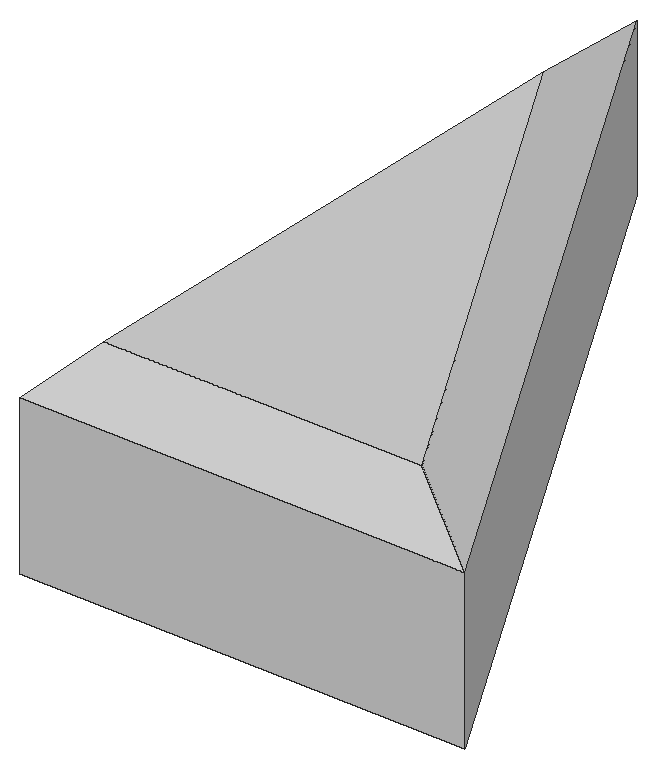
Revit family "SMALL SCALENE TRIANGLE (RIGHT)", category Specialty Equipment, Revit 2023
Family settings
  Round Connector Dimension = Use Diameter
  Part Type = Normal
  OmniClass Number = 23.35.00.00
  OmniClass Title = Covering, Cladding, and Finishes
  Work Plane-Based = Yes
  Enable Cutting in Views = Yes
  Always vertical = No
  Cut with Voids When Loaded = No
  Maintain Annotation Orientation = No
  Shared = No
  Room Calculation Point = No
Parameters (values of type "1-3/8 inch thick Primed White")
  URL = "https://www.acousticalsurfaces.com/envirocoustic-wood-wool/shapes/"
  Type Comments = "Acoustic Panels"
  Thickness = 0' - 1 3/8"
  Recycled Content Percentage = "0%"
  Model = "Envirocoustic Wood Wool"
  Material = "Envirocoustic Wood Wool"
  Manufacturer = "Acoustical Surfaces, Inc."
  Fire Rating = "ASTM E84 - Class A"
  Finish = Paint - Acoustical-Surfaces - Primed White
  Description = "Acoustic Panels"
  Default Elevation = 0' - 0"
  Assembly Code = "C30"
  Acoustics - NRC = "Sound absorption varies from NRC 0.45 to 0.95 based on installation method used when tested per ASTM C423."
Types (9): name | Thickness | Finish
  1-3/8 inch thick Primed White | 0' - 1 3/8" | Paint - Acoustical-Surfaces - Primed White
  1-3/8 inch thick Primed Clear | 0' - 1 3/8" | Paint - Acoustical-Surfaces - Primed Clear
  1-3/8 inch thick Custom Painted | 0' - 1 3/8" | Paint - Acoustical-Surfaces - Custom Painted
  2 inch thick Primed White | 0' - 2" | Paint - Acoustical-Surfaces - Primed White
  2 inch thick Primed Clear | 0' - 2" | Paint - Acoustical-Surfaces - Primed Clear
  2 inch thick Custom Painted | 0' - 2" | Paint - Acoustical-Surfaces - Custom Painted
  1 inch thick Primed White | 0' - 1" | Paint - Acoustical-Surfaces - Primed White
  1 inch thick Primed Clear | 0' - 1" | Paint - Acoustical-Surfaces - Primed Clear
  1 inch thick Custom Painted | 0' - 1" | Paint - Acoustical-Surfaces - Custom Painted
Reference planes (in)
  plane 1 "Center (Front/Back)": y = 0
  plane 2: z = 0
  plane 3 "Center (Left/Right)": x = 0
  plane 4: z = 1.375
  plane 5: z = -1
Forms (in)
  Extrusion 1, solid, material "Paint - Acoustical-Surfaces - Primed White" <- "Finish"
    sketch origin (-2.75421, -1.46603, 0) x (1, 0, 0) y (0, 1, 0)
      loop
        line (2.75421, 1.46603) -> (5.75421, 1.46603) -> (2.75421, 6.66219) -> (2.75421, 1.46603)
    from 0 to 1.375
  Sweep 2, void
    path in 3D
      loop
        line (0, 5.19615, 1.375) -> (0, 0, 1.375) -> (3, 0, 1.375) -> (0, 5.19615, 1.375)
    profile "Triangle : Family2" origin (1.5, 2.59808, 1.375) x (-0.866025, -0.5, 0) y (0, 0, 1)
      loop
        line (0, 0) -> (0, -0.315) -> (0.315, 0) -> (0, 0)
Cuts and joins
  Sweep 2 cuts Extrusion 1
Lines and regions (in)
  sketch lines
    curve 1: line (3, 0, 1.375) -> (0, 5.19615, 1.375)
    curve 2: line (0, 0, 1.375) -> (3, 0, 1.375)
    curve 3: line (0, 5.19615, 1.375) -> (0, 0, 1.375)
Dimensions and locks (in)
  "Thickness": plane 4 to level
  level to plane 5 = 0' - 1"
  aligned and locked: level to plane 2
  aligned and locked: Extrusion 1 to plane 4
Automatic sketch dimensions
  Extrusion 1 sketch curve to plane 3 "Center (Left/Right)" = 0' - 0"
  plane 1 "Center (Front/Back)" to Extrusion 1 sketch curve = 0' - 0"
  Extrusion 1 sketch curve to Extrusion 1 sketch curve = 0' - 5.19615"
  Extrusion 1 sketch curve to Extrusion 1 sketch curve = 0' - 3"
